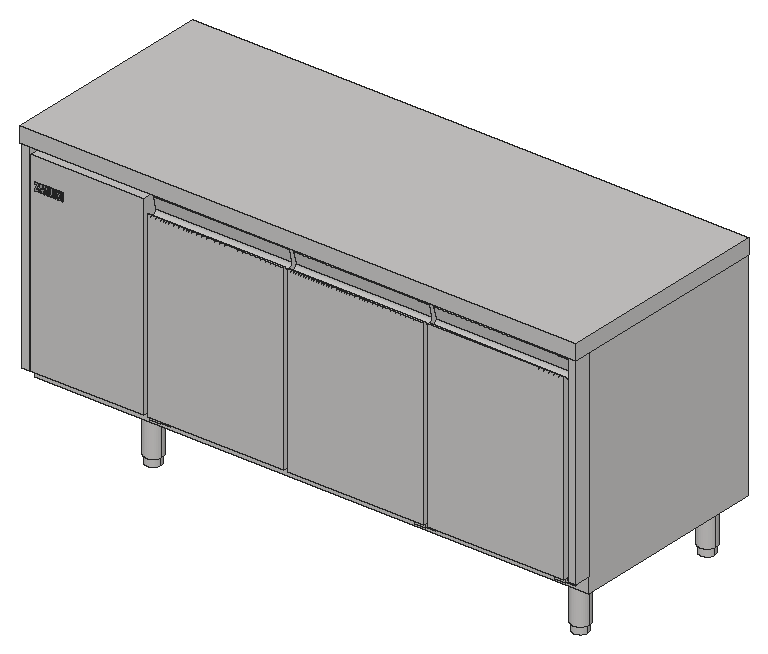
Revit family "QF_ZANUSSI_712804_ZHR3BL", category Attrezzature speciali, Revit 2018 (continued)
Definition of nested family "HPP_ZAN_BI_TN_L"
  Lines and regions (mm)
    Split face 117
      outline origin (347.5, -951.3, 50) x (1, 0, 0) y (0, 1, 0)
        loop
          line (-340.964, 599.474) -> (-298.964, 599.474)
          arc (-298.964, 599.474) -> (-294.964, 603.474) -> (-298.964, 607.474) r 4
          line (-298.964, 607.474) -> (-340.964, 607.474)
    Split face 118
      outline origin (92.5, -951.3, 50) x (1, 0, 0) y (0, 1, 0)
        loop
          arc (-305.964, 607.474) -> (-309.964, 603.474) -> (-305.964, 599.474) r 4
          line (-305.964, 599.474) -> (-263.964, 599.474)
          arc (-263.964, 599.474) -> (-259.964, 603.474) -> (-263.964, 607.474) r 4
          line (-263.964, 607.474) -> (-305.964, 607.474)
    Split face 119
      outline origin (237.5, -951.3, 50) x (1, 0, 0) y (0, 1, 0)
        loop
          arc (-285.964, 607.474) -> (-289.964, 603.474) -> (-285.964, 599.474) r 4
          line (-285.964, 599.474) -> (-243.964, 599.474)
          arc (-243.964, 599.474) -> (-239.964, 603.474) -> (-243.964, 607.474) r 4
          line (-243.964, 607.474) -> (-285.964, 607.474)
    Split face 120
      outline origin (-17.5, -975.3, 50) x (1, 0, 0) y (0, 1, 0)
        loop
          arc (-250.964, 619.474) -> (-254.964, 615.474) -> (-250.964, 611.474) r 4
          line (-250.964, 611.474) -> (-208.964, 611.474)
          arc (-208.964, 611.474) -> (-204.964, 615.474) -> (-208.964, 619.474) r 4
          line (-208.964, 619.474) -> (-250.964, 619.474)
    Split face 121
      outline origin (347.5, -975.3, 50) x (1, 0, 0) y (0, 1, 0)
        loop
          arc (-340.964, 619.474) -> (-344.964, 615.474) -> (-340.964, 611.474) r 4
          line (-340.964, 611.474) -> (-298.964, 611.474)
          arc (-298.964, 611.474) -> (-294.964, 615.474) -> (-298.964, 619.474) r 4
          line (-298.964, 619.474) -> (-340.964, 619.474)
    Split face 122
      outline origin (92.5, -975.3, 50) x (1, 0, 0) y (0, 1, 0)
        loop
          arc (-305.964, 619.474) -> (-309.964, 615.474) -> (-305.964, 611.474) r 4
          line (-305.964, 611.474) -> (-263.964, 611.474)
          arc (-263.964, 611.474) -> (-259.964, 615.474) -> (-263.964, 619.474) r 4
          line (-263.964, 619.474) -> (-305.964, 619.474)
    Split face 123
      outline origin (237.5, -975.3, 50) x (1, 0, 0) y (0, 1, 0)
        loop
          arc (-285.964, 619.474) -> (-289.964, 615.474) -> (-285.964, 611.474) r 4
          line (-285.964, 611.474) -> (-243.964, 611.474)
          arc (-243.964, 611.474) -> (-239.964, 615.474) -> (-243.964, 619.474) r 4
          line (-243.964, 619.474) -> (-285.964, 619.474)
    Split face 124
      outline origin (-17.5, -999.3, 50) x (1, 0, 0) y (0, 1, 0)
        loop
          arc (-250.964, 631.474) -> (-254.964, 627.474) -> (-250.964, 623.474) r 4
          line (-250.964, 623.474) -> (-208.964, 623.474)
          arc (-208.964, 623.474) -> (-204.964, 627.474) -> (-208.964, 631.474) r 4
          line (-208.964, 631.474) -> (-250.964, 631.474)
    Split face 125
      outline origin (347.5, -999.3, 50) x (1, 0, 0) y (0, 1, 0)
        loop
          arc (-340.964, 631.474) -> (-344.964, 627.474) -> (-340.964, 623.474) r 4
          line (-340.964, 623.474) -> (-298.964, 623.474)
          arc (-298.964, 623.474) -> (-294.964, 627.474) -> (-298.964, 631.474) r 4
          line (-298.964, 631.474) -> (-340.964, 631.474)
    Split face 126
      outline origin (92.5, -999.3, 50) x (1, 0, 0) y (0, 1, 0)
        loop
          arc (-305.964, 631.474) -> (-309.964, 627.474) -> (-305.964, 623.474) r 4
          line (-305.964, 623.474) -> (-263.964, 623.474)
          arc (-263.964, 623.474) -> (-259.964, 627.474) -> (-263.964, 631.474) r 4
          line (-263.964, 631.474) -> (-305.964, 631.474)
    Split face 127
      outline origin (237.5, -999.3, 50) x (1, 0, 0) y (0, 1, 0)
        loop
          arc (-285.964, 631.474) -> (-289.964, 627.474) -> (-285.964, 623.474) r 4
          line (-285.964, 623.474) -> (-243.964, 623.474)
          arc (-243.964, 623.474) -> (-239.964, 627.474) -> (-243.964, 631.474) r 4
          line (-243.964, 631.474) -> (-285.964, 631.474)
    Split face 128
      outline origin (-17.5, -1023.3, 50) x (1, 0, 0) y (0, 1, 0)
        loop
          arc (-250.964, 643.474) -> (-254.964, 639.474) -> (-250.964, 635.474) r 4
          line (-250.964, 635.474) -> (-208.964, 635.474)
          arc (-208.964, 635.474) -> (-204.964, 639.474) -> (-208.964, 643.474) r 4
          line (-208.964, 643.474) -> (-250.964, 643.474)
    Split face 129
      outline origin (347.5, -1023.3, 50) x (1, 0, 0) y (0, 1, 0)
        loop
          arc (-340.964, 643.474) -> (-344.964, 639.474) -> (-340.964, 635.474) r 4
          line (-340.964, 635.474) -> (-298.964, 635.474)
          arc (-298.964, 635.474) -> (-294.964, 639.474) -> (-298.964, 643.474) r 4
          line (-298.964, 643.474) -> (-340.964, 643.474)
    Split face 130
      outline origin (92.5, -1023.3, 50) x (1, 0, 0) y (0, 1, 0)
        loop
          arc (-305.964, 643.474) -> (-309.964, 639.474) -> (-305.964, 635.474) r 4
          line (-305.964, 635.474) -> (-263.964, 635.474)
          arc (-263.964, 635.474) -> (-259.964, 639.474) -> (-263.964, 643.474) r 4
          line (-263.964, 643.474) -> (-305.964, 643.474)
    Split face 131
      outline origin (237.5, -1023.3, 50) x (1, 0, 0) y (0, 1, 0)
        loop
          arc (-285.964, 643.474) -> (-289.964, 639.474) -> (-285.964, 635.474) r 4
          line (-285.964, 635.474) -> (-243.964, 635.474)
          arc (-243.964, 635.474) -> (-239.964, 639.474) -> (-243.964, 643.474) r 4
          line (-243.964, 643.474) -> (-285.964, 643.474)
    Split face 132
      outline origin (0, 0, 50) x (1, 0, 0) y (0, 1, 0)
        loop
          arc (-198.305, 119) -> (-179.016, 127.543) -> (-163.366, 141.689) r 66.613
          arc (-163.366, 141.689) -> (-159.055, 152.578) -> (-161.639, 164) r 19.83
    Split face 133
      outline origin (0, 0, 50) x (1, 0, 0) y (0, 1, 0)
        loop
          arc (-186.275, 119) -> (-172.312, 128.003) -> (-161.038, 140.208) r 66.007
          arc (-161.038, 140.208) -> (-157.063, 151.991) -> (-160.294, 164) r 21.447
    Split face 134
      outline origin (-10, 0, 50) x (1, 0, 0) y (0, 1, 0)
        loop
          line (29.08, 150) -> (29.08, 142.5) -> (36.58, 142.5) -> (36.58, 150) -> (29.08, 150)
    Split face 135
      outline origin (-10, 0, 50) x (1, 0, 0) y (0, 1, 0)
        loop
          line (19.58, 150) -> (19.58, 142.5) -> (27.08, 142.5) -> (27.08, 150) -> (19.58, 150)
    Split face 136
      outline origin (-10, 0, 50) x (1, 0, 0) y (0, 1, 0)
        loop
          line (19.58, 140.5) -> (19.58, 133) -> (27.08, 133) -> (27.08, 140.5) -> (19.58, 140.5)
    Split face 137
      outline origin (-0.5, 0, 50) x (1, 0, 0) y (0, 1, 0)
        loop
          line (19.58, 140.5) -> (19.58, 133) -> (27.08, 133) -> (27.08, 140.5) -> (19.58, 140.5)
    Split face 138
      outline origin (237.5, 0, 50) x (1, 0, 0) y (0, 1, 0)
        loop
          arc (-340.964, 107.824) -> (-344.964, 103.824) -> (-340.964, 99.824) r 4
          line (-340.964, 99.824) -> (-298.964, 99.824)
          arc (-298.964, 99.824) -> (-294.964, 103.824) -> (-298.964, 107.824) r 4
          line (-298.964, 107.824) -> (-340.964, 107.824)
    Split face 139
      outline origin (237.5, -24, 50) x (1, 0, 0) y (0, 1, 0)
        loop
          arc (-340.964, 119.824) -> (-344.964, 115.824) -> (-340.964, 111.824) r 4
          line (-340.964, 111.824) -> (-298.964, 111.824)
          arc (-298.964, 111.824) -> (-294.964, 115.824) -> (-298.964, 119.824) r 4
          line (-298.964, 119.824) -> (-340.964, 119.824)
    Split face 140
      outline origin (237.5, -48, 50) x (1, 0, 0) y (0, 1, 0)
        loop
          arc (-340.964, 131.824) -> (-344.964, 127.824) -> (-340.964, 123.824) r 4
          line (-340.964, 123.824) -> (-298.964, 123.824)
          arc (-298.964, 123.824) -> (-294.964, 127.824) -> (-298.964, 131.824) r 4
          line (-298.964, 131.824) -> (-340.964, 131.824)
    Split face 141
      outline origin (237.5, -72, 50) x (1, 0, 0) y (0, 1, 0)
        loop
          arc (-340.964, 143.824) -> (-344.964, 139.824) -> (-340.964, 135.824) r 4
          line (-340.964, 135.824) -> (-298.964, 135.824)
          arc (-298.964, 135.824) -> (-294.964, 139.824) -> (-298.964, 143.824) r 4
          line (-298.964, 143.824) -> (-340.964, 143.824)
    Split face 142
      outline origin (237.5, -96, 50) x (1, 0, 0) y (0, 1, 0)
        loop
          arc (-340.964, 155.824) -> (-344.964, 151.824) -> (-340.964, 147.824) r 4
          line (-340.964, 147.824) -> (-298.964, 147.824)
          arc (-298.964, 147.824) -> (-294.964, 151.824) -> (-298.964, 155.824) r 4
          line (-298.964, 155.824) -> (-340.964, 155.824)
    Split face 143
      outline origin (237.5, -120, 50) x (1, 0, 0) y (0, 1, 0)
        loop
          arc (-340.964, 167.824) -> (-344.964, 163.824) -> (-340.964, 159.824) r 4
          line (-340.964, 159.824) -> (-298.964, 159.824)
          arc (-298.964, 159.824) -> (-294.964, 163.824) -> (-298.964, 167.824) r 4
          line (-298.964, 167.824) -> (-340.964, 167.824)
    Split face 144
      outline origin (237.5, -144, 50) x (1, 0, 0) y (0, 1, 0)
        loop
          arc (-340.964, 179.824) -> (-344.964, 175.824) -> (-340.964, 171.824) r 4
          line (-340.964, 171.824) -> (-298.964, 171.824)
          arc (-298.964, 171.824) -> (-294.964, 175.824) -> (-298.964, 179.824) r 4
          line (-298.964, 179.824) -> (-340.964, 179.824)
    Split face 145
      outline origin (237.5, -168, 50) x (1, 0, 0) y (0, 1, 0)
        loop
          arc (-340.964, 191.824) -> (-344.964, 187.824) -> (-340.964, 183.824) r 4
          line (-340.964, 183.824) -> (-298.964, 183.824)
          arc (-298.964, 183.824) -> (-294.964, 187.824) -> (-298.964, 191.824) r 4
          line (-298.964, 191.824) -> (-340.964, 191.824)
    Split face 146
      outline origin (237.5, -192, 50) x (1, 0, 0) y (0, 1, 0)
        loop
          arc (-340.964, 203.824) -> (-344.964, 199.824) -> (-340.964, 195.824) r 4
          line (-340.964, 195.824) -> (-298.964, 195.824)
          arc (-298.964, 195.824) -> (-294.964, 199.824) -> (-298.964, 203.824) r 4
          line (-298.964, 203.824) -> (-340.964, 203.824)
    Split face 147
      outline origin (237.5, -216, 50) x (1, 0, 0) y (0, 1, 0)
        loop
          arc (-340.964, 215.824) -> (-344.964, 211.824) -> (-340.964, 207.824) r 4
          line (-340.964, 207.824) -> (-298.964, 207.824)
          arc (-298.964, 207.824) -> (-294.964, 211.824) -> (-298.964, 215.824) r 4
          line (-298.964, 215.824) -> (-340.964, 215.824)
    Split face 148
      outline origin (237.5, -240, 50) x (1, 0, 0) y (0, 1, 0)
        loop
          arc (-340.964, 227.824) -> (-344.964, 223.824) -> (-340.964, 219.824) r 4
          line (-340.964, 219.824) -> (-298.964, 219.824)
          arc (-298.964, 219.824) -> (-294.964, 223.824) -> (-298.964, 227.824) r 4
          line (-298.964, 227.824) -> (-340.964, 227.824)
    Split face 149
      outline origin (237.5, -264, 50) x (1, 0, 0) y (0, 1, 0)
        loop
          arc (-340.964, 239.824) -> (-344.964, 235.824) -> (-340.964, 231.824) r 4
          line (-340.964, 231.824) -> (-298.964, 231.824)
          arc (-298.964, 231.824) -> (-294.964, 235.824) -> (-298.964, 239.824) r 4
          line (-298.964, 239.824) -> (-340.964, 239.824)
    Split face 150
      outline origin (237.5, -288, 50) x (1, 0, 0) y (0, 1, 0)
        loop
          arc (-340.964, 251.824) -> (-344.964, 247.824) -> (-340.964, 243.824) r 4
          line (-340.964, 243.824) -> (-298.964, 243.824)
          arc (-298.964, 243.824) -> (-294.964, 247.824) -> (-298.964, 251.824) r 4
          line (-298.964, 251.824) -> (-340.964, 251.824)
    Split face 151
      outline origin (237.5, -312, 50) x (1, 0, 0) y (0, 1, 0)
        loop
          arc (-340.964, 263.824) -> (-344.964, 259.824) -> (-340.964, 255.824) r 4
          line (-340.964, 255.824) -> (-298.964, 255.824)
          arc (-298.964, 255.824) -> (-294.964, 259.824) -> (-298.964, 263.824) r 4
          line (-298.964, 263.824) -> (-340.964, 263.824)
    Split face 152
      outline origin (237.5, -336, 50) x (1, 0, 0) y (0, 1, 0)
        loop
          arc (-340.964, 275.824) -> (-344.964, 271.824) -> (-340.964, 267.824) r 4
          line (-340.964, 267.824) -> (-298.964, 267.824)
          arc (-298.964, 267.824) -> (-294.964, 271.824) -> (-298.964, 275.824) r 4
          line (-298.964, 275.824) -> (-340.964, 275.824)
    Split face 153
      outline origin (237.5, -360, 50) x (1, 0, 0) y (0, 1, 0)
        loop
          arc (-340.964, 287.824) -> (-344.964, 283.824) -> (-340.964, 279.824) r 4
          line (-340.964, 279.824) -> (-298.964, 279.824)
          arc (-298.964, 279.824) -> (-294.964, 283.824) -> (-298.964, 287.824) r 4
          line (-298.964, 287.824) -> (-340.964, 287.824)
    Split face 154
      outline origin (237.5, -663.3, 50) x (1, 0, 0) y (0, 1, 0)
        loop
          arc (-340.964, 463.474) -> (-344.964, 459.474) -> (-340.964, 455.474) r 4
          line (-340.964, 455.474) -> (-298.964, 455.474)
          arc (-298.964, 455.474) -> (-294.964, 459.474) -> (-298.964, 463.474) r 4
          line (-298.964, 463.474) -> (-340.964, 463.474)
    Split face 155
      outline origin (237.5, -687.3, 50) x (1, 0, 0) y (0, 1, 0)
        loop
          arc (-340.964, 475.474) -> (-344.964, 471.474) -> (-340.964, 467.474) r 4
          line (-340.964, 467.474) -> (-298.964, 467.474)
          arc (-298.964, 467.474) -> (-294.964, 471.474) -> (-298.964, 475.474) r 4
          line (-298.964, 475.474) -> (-340.964, 475.474)
    Split face 156
      outline origin (237.5, -711.3, 50) x (1, 0, 0) y (0, 1, 0)
        loop
          arc (-340.964, 487.474) -> (-344.964, 483.474) -> (-340.964, 479.474) r 4
          line (-340.964, 479.474) -> (-298.964, 479.474)
          arc (-298.964, 479.474) -> (-294.964, 483.474) -> (-298.964, 487.474) r 4
          line (-298.964, 487.474) -> (-340.964, 487.474)
    Split face 157
      outline origin (237.5, -735.3, 50) x (1, 0, 0) y (0, 1, 0)
        loop
          arc (-340.964, 499.474) -> (-344.964, 495.474) -> (-340.964, 491.474) r 4
          line (-340.964, 491.474) -> (-298.964, 491.474)
          arc (-298.964, 491.474) -> (-294.964, 495.474) -> (-298.964, 499.474) r 4
          line (-298.964, 499.474) -> (-340.964, 499.474)
    Split face 158
      outline origin (237.5, -759.3, 50) x (1, 0, 0) y (0, 1, 0)
        loop
          arc (-340.964, 511.474) -> (-344.964, 507.474) -> (-340.964, 503.474) r 4
          line (-340.964, 503.474) -> (-298.964, 503.474)
          arc (-298.964, 503.474) -> (-294.964, 507.474) -> (-298.964, 511.474) r 4
          line (-298.964, 511.474) -> (-340.964, 511.474)
    Split face 159
      outline origin (237.5, -783.3, 50) x (1, 0, 0) y (0, 1, 0)
        loop
          arc (-340.964, 523.474) -> (-344.964, 519.474) -> (-340.964, 515.474) r 4
          line (-340.964, 515.474) -> (-298.964, 515.474)
          arc (-298.964, 515.474) -> (-294.964, 519.474) -> (-298.964, 523.474) r 4
          line (-298.964, 523.474) -> (-340.964, 523.474)
    Split face 160
      outline origin (237.5, -807.3, 50) x (1, 0, 0) y (0, 1, 0)
        loop
          arc (-340.964, 535.474) -> (-344.964, 531.474) -> (-340.964, 527.474) r 4
          line (-340.964, 527.474) -> (-298.964, 527.474)
          arc (-298.964, 527.474) -> (-294.964, 531.474) -> (-298.964, 535.474) r 4
          line (-298.964, 535.474) -> (-340.964, 535.474)
    Split face 161
      outline origin (237.5, -831.3, 50) x (1, 0, 0) y (0, 1, 0)
        loop
          arc (-340.964, 547.474) -> (-344.964, 543.474) -> (-340.964, 539.474) r 4
          line (-340.964, 539.474) -> (-298.964, 539.474)
          arc (-298.964, 539.474) -> (-294.964, 543.474) -> (-298.964, 547.474) r 4
          line (-298.964, 547.474) -> (-340.964, 547.474)
    Split face 162
      outline origin (237.5, -855.3, 50) x (1, 0, 0) y (0, 1, 0)
        loop
          arc (-340.964, 559.474) -> (-344.964, 555.474) -> (-340.964, 551.474) r 4
          line (-340.964, 551.474) -> (-298.964, 551.474)
          arc (-298.964, 551.474) -> (-294.964, 555.474) -> (-298.964, 559.474) r 4
          line (-298.964, 559.474) -> (-340.964, 559.474)
    Split face 163
      outline origin (237.5, -879.3, 50) x (1, 0, 0) y (0, 1, 0)
        loop
          arc (-340.964, 571.474) -> (-344.964, 567.474) -> (-340.964, 563.474) r 4
          line (-340.964, 563.474) -> (-298.964, 563.474)
          arc (-298.964, 563.474) -> (-294.964, 567.474) -> (-298.964, 571.474) r 4
          line (-298.964, 571.474) -> (-340.964, 571.474)
    Split face 164
      outline origin (237.5, -903.3, 50) x (1, 0, 0) y (0, 1, 0)
        loop
          arc (-340.964, 583.474) -> (-344.964, 579.474) -> (-340.964, 575.474) r 4
          line (-340.964, 575.474) -> (-298.964, 575.474)
          arc (-298.964, 575.474) -> (-294.964, 579.474) -> (-298.964, 583.474) r 4
          line (-298.964, 583.474) -> (-340.964, 583.474)
    Split face 165
      outline origin (237.5, -927.3, 50) x (1, 0, 0) y (0, 1, 0)
        loop
          arc (-340.964, 595.474) -> (-344.964, 591.474) -> (-340.964, 587.474) r 4
          line (-340.964, 587.474) -> (-298.964, 587.474)
          arc (-298.964, 587.474) -> (-294.964, 591.474) -> (-298.964, 595.474) r 4
          line (-298.964, 595.474) -> (-340.964, 595.474)
    Split face 166
      outline origin (237.5, -951.3, 50) x (1, 0, 0) y (0, 1, 0)
        loop
          arc (-340.964, 607.474) -> (-344.964, 603.474) -> (-340.964, 599.474) r 4
          line (-340.964, 599.474) -> (-298.964, 599.474)
          arc (-298.964, 599.474) -> (-294.964, 603.474) -> (-298.964, 607.474) r 4
          line (-298.964, 607.474) -> (-340.964, 607.474)
    Split face 167
      outline origin (237.5, -975.3, 50) x (1, 0, 0) y (0, 1, 0)
        loop
          arc (-340.964, 619.474) -> (-344.964, 615.474) -> (-340.964, 611.474) r 4
          line (-340.964, 611.474) -> (-298.964, 611.474)
          arc (-298.964, 611.474) -> (-294.964, 615.474) -> (-298.964, 619.474) r 4
          line (-298.964, 619.474) -> (-340.964, 619.474)
    Split face 168
      outline origin (237.5, -999.3, 50) x (1, 0, 0) y (0, 1, 0)
        loop
          arc (-340.964, 631.474) -> (-344.964, 627.474) -> (-340.964, 623.474) r 4
          line (-340.964, 623.474) -> (-298.964, 623.474)
          arc (-298.964, 623.474) -> (-294.964, 627.474) -> (-298.964, 631.474) r 4
          line (-298.964, 631.474) -> (-340.964, 631.474)
    Split face 169
      outline origin (237.5, -1023.3, 50) x (1, 0, 0) y (0, 1, 0)
        loop
          arc (-340.964, 643.474) -> (-344.964, 639.474) -> (-340.964, 635.474) r 4
          line (-340.964, 635.474) -> (-298.964, 635.474)
          arc (-298.964, 635.474) -> (-294.964, 639.474) -> (-298.964, 643.474) r 4
          line (-298.964, 643.474) -> (-340.964, 643.474)
    Split face 170
      outline origin (147.5, 0, 50) x (1, 0, 0) y (0, 1, 0)
        loop
          arc (-305.964, 107.824) -> (-309.964, 103.824) -> (-305.964, 99.824) r 4
          line (-305.964, 99.824) -> (-263.964, 99.824)
          arc (-263.964, 99.824) -> (-259.964, 103.824) -> (-263.964, 107.824) r 4
          line (-263.964, 107.824) -> (-305.964, 107.824)
    Split face 171
      outline origin (147.5, -24, 50) x (1, 0, 0) y (0, 1, 0)
        loop
          arc (-305.964, 119.824) -> (-309.964, 115.824) -> (-305.964, 111.824) r 4
          line (-305.964, 111.824) -> (-263.964, 111.824)
          arc (-263.964, 111.824) -> (-259.964, 115.824) -> (-263.964, 119.824) r 4
          line (-263.964, 119.824) -> (-305.964, 119.824)
    Split face 172
      outline origin (147.5, -48, 50) x (1, 0, 0) y (0, 1, 0)
        loop
          arc (-305.964, 131.824) -> (-309.964, 127.824) -> (-305.964, 123.824) r 4
          line (-305.964, 123.824) -> (-263.964, 123.824)
          arc (-263.964, 123.824) -> (-259.964, 127.824) -> (-263.964, 131.824) r 4
          line (-263.964, 131.824) -> (-305.964, 131.824)
    Split face 173
      outline origin (147.5, -72, 50) x (1, 0, 0) y (0, 1, 0)
        loop
          arc (-305.964, 143.824) -> (-309.964, 139.824) -> (-305.964, 135.824) r 4
          line (-305.964, 135.824) -> (-263.964, 135.824)
          arc (-263.964, 135.824) -> (-259.964, 139.824) -> (-263.964, 143.824) r 4
          line (-263.964, 143.824) -> (-305.964, 143.824)
    Split face 174
      outline origin (147.5, -96, 50) x (1, 0, 0) y (0, 1, 0)
        loop
          arc (-305.964, 155.824) -> (-309.964, 151.824) -> (-305.964, 147.824) r 4
          line (-305.964, 147.824) -> (-263.964, 147.824)
          arc (-263.964, 147.824) -> (-259.964, 151.824) -> (-263.964, 155.824) r 4
          line (-263.964, 155.824) -> (-305.964, 155.824)
    Split face 175
      outline origin (147.5, -120, 50) x (1, 0, 0) y (0, 1, 0)
        loop
          arc (-305.964, 167.824) -> (-309.964, 163.824) -> (-305.964, 159.824) r 4
          line (-305.964, 159.824) -> (-263.964, 159.824)
          arc (-263.964, 159.824) -> (-259.964, 163.824) -> (-263.964, 167.824) r 4
          line (-263.964, 167.824) -> (-305.964, 167.824)
    Split face 176
      outline origin (147.5, -144, 50) x (1, 0, 0) y (0, 1, 0)
        loop
          arc (-305.964, 179.824) -> (-309.964, 175.824) -> (-305.964, 171.824) r 4
          line (-305.964, 171.824) -> (-263.964, 171.824)
          arc (-263.964, 171.824) -> (-259.964, 175.824) -> (-263.964, 179.824) r 4
          line (-263.964, 179.824) -> (-305.964, 179.824)
    Split face 177
      outline origin (147.5, -168, 50) x (1, 0, 0) y (0, 1, 0)
        loop
          arc (-305.964, 191.824) -> (-309.964, 187.824) -> (-305.964, 183.824) r 4
          line (-305.964, 183.824) -> (-263.964, 183.824)
          arc (-263.964, 183.824) -> (-259.964, 187.824) -> (-263.964, 191.824) r 4
          line (-263.964, 191.824) -> (-305.964, 191.824)
    Split face 178
      outline origin (147.5, -192, 50) x (1, 0, 0) y (0, 1, 0)
        loop
          arc (-305.964, 203.824) -> (-309.964, 199.824) -> (-305.964, 195.824) r 4
          line (-305.964, 195.824) -> (-263.964, 195.824)
          arc (-263.964, 195.824) -> (-259.964, 199.824) -> (-263.964, 203.824) r 4
          line (-263.964, 203.824) -> (-305.964, 203.824)
    Split face 179
      outline origin (147.5, -216, 50) x (1, 0, 0) y (0, 1, 0)
        loop
          arc (-305.964, 215.824) -> (-309.964, 211.824) -> (-305.964, 207.824) r 4
          line (-305.964, 207.824) -> (-263.964, 207.824)
          arc (-263.964, 207.824) -> (-259.964, 211.824) -> (-263.964, 215.824) r 4
          line (-263.964, 215.824) -> (-305.964, 215.824)
    Split face 180
      outline origin (147.5, -240, 50) x (1, 0, 0) y (0, 1, 0)
        loop
          arc (-305.964, 227.824) -> (-309.964, 223.824) -> (-305.964, 219.824) r 4
          line (-305.964, 219.824) -> (-263.964, 219.824)
          arc (-263.964, 219.824) -> (-259.964, 223.824) -> (-263.964, 227.824) r 4
          line (-263.964, 227.824) -> (-305.964, 227.824)
    Split face 181
      outline origin (147.5, -264, 50) x (1, 0, 0) y (0, 1, 0)
        loop
          arc (-305.964, 239.824) -> (-309.964, 235.824) -> (-305.964, 231.824) r 4
          line (-305.964, 231.824) -> (-263.964, 231.824)
          arc (-263.964, 231.824) -> (-259.964, 235.824) -> (-263.964, 239.824) r 4
          line (-263.964, 239.824) -> (-305.964, 239.824)
    Split face 182
      outline origin (147.5, -288, 50) x (1, 0, 0) y (0, 1, 0)
        loop
          arc (-305.964, 251.824) -> (-309.964, 247.824) -> (-305.964, 243.824) r 4
          line (-305.964, 243.824) -> (-263.964, 243.824)
          arc (-263.964, 243.824) -> (-259.964, 247.824) -> (-263.964, 251.824) r 4
          line (-263.964, 251.824) -> (-305.964, 251.824)
    Split face 183
      outline origin (147.5, -312, 50) x (1, 0, 0) y (0, 1, 0)
        loop
          arc (-305.964, 263.824) -> (-309.964, 259.824) -> (-305.964, 255.824) r 4
          line (-305.964, 255.824) -> (-263.964, 255.824)
          arc (-263.964, 255.824) -> (-259.964, 259.824) -> (-263.964, 263.824) r 4
          line (-263.964, 263.824) -> (-305.964, 263.824)
    Split face 184
      outline origin (147.5, -336, 50) x (1, 0, 0) y (0, 1, 0)
        loop
          arc (-305.964, 275.824) -> (-309.964, 271.824) -> (-305.964, 267.824) r 4
          line (-305.964, 267.824) -> (-263.964, 267.824)
          arc (-263.964, 267.824) -> (-259.964, 271.824) -> (-263.964, 275.824) r 4
          line (-263.964, 275.824) -> (-305.964, 275.824)
    Split face 185
      outline origin (147.5, -360, 50) x (1, 0, 0) y (0, 1, 0)
        loop
          arc (-305.964, 287.824) -> (-309.964, 283.824) -> (-305.964, 279.824) r 4
          line (-305.964, 279.824) -> (-263.964, 279.824)
          arc (-263.964, 279.824) -> (-259.964, 283.824) -> (-263.964, 287.824) r 4
          line (-263.964, 287.824) -> (-305.964, 287.824)
    Split face 186
      outline origin (147.5, -663.3, 50) x (1, 0, 0) y (0, 1, 0)
        loop
          arc (-305.964, 463.474) -> (-309.964, 459.474) -> (-305.964, 455.474) r 4
          line (-305.964, 455.474) -> (-263.964, 455.474)
          arc (-263.964, 455.474) -> (-259.964, 459.474) -> (-263.964, 463.474) r 4
          line (-263.964, 463.474) -> (-305.964, 463.474)
    Split face 187
      outline origin (147.5, -687.3, 50) x (1, 0, 0) y (0, 1, 0)
        loop
          arc (-305.964, 475.474) -> (-309.964, 471.474) -> (-305.964, 467.474) r 4
          line (-305.964, 467.474) -> (-263.964, 467.474)
          arc (-263.964, 467.474) -> (-259.964, 471.474) -> (-263.964, 475.474) r 4
          line (-263.964, 475.474) -> (-305.964, 475.474)
    Split face 188
      outline origin (147.5, -711.3, 50) x (1, 0, 0) y (0, 1, 0)
        loop
          arc (-305.964, 487.474) -> (-309.964, 483.474) -> (-305.964, 479.474) r 4
          line (-305.964, 479.474) -> (-263.964, 479.474)
          arc (-263.964, 479.474) -> (-259.964, 483.474) -> (-263.964, 487.474) r 4
          line (-263.964, 487.474) -> (-305.964, 487.474)
    Split face 189
      outline origin (147.5, -735.3, 50) x (1, 0, 0) y (0, 1, 0)
        loop
          arc (-305.964, 499.474) -> (-309.964, 495.474) -> (-305.964, 491.474) r 4
          line (-305.964, 491.474) -> (-263.964, 491.474)
          arc (-263.964, 491.474) -> (-259.964, 495.474) -> (-263.964, 499.474) r 4
          line (-263.964, 499.474) -> (-305.964, 499.474)
    Split face 190
      outline origin (147.5, -759.3, 50) x (1, 0, 0) y (0, 1, 0)
        loop
          arc (-305.964, 511.474) -> (-309.964, 507.474) -> (-305.964, 503.474) r 4
          line (-305.964, 503.474) -> (-263.964, 503.474)
          arc (-263.964, 503.474) -> (-259.964, 507.474) -> (-263.964, 511.474) r 4
          line (-263.964, 511.474) -> (-305.964, 511.474)
    Split face 191
      outline origin (147.5, -783.3, 50) x (1, 0, 0) y (0, 1, 0)
        loop
          arc (-305.964, 523.474) -> (-309.964, 519.474) -> (-305.964, 515.474) r 4
          line (-305.964, 515.474) -> (-263.964, 515.474)
          arc (-263.964, 515.474) -> (-259.964, 519.474) -> (-263.964, 523.474) r 4
          line (-263.964, 523.474) -> (-305.964, 523.474)
    Split face 192
      outline origin (147.5, -807.3, 50) x (1, 0, 0) y (0, 1, 0)
        loop
          arc (-305.964, 535.474) -> (-309.964, 531.474) -> (-305.964, 527.474) r 4
          line (-305.964, 527.474) -> (-263.964, 527.474)
          arc (-263.964, 527.474) -> (-259.964, 531.474) -> (-263.964, 535.474) r 4
          line (-263.964, 535.474) -> (-305.964, 535.474)
    Split face 193
      outline origin (147.5, -831.3, 50) x (1, 0, 0) y (0, 1, 0)
        loop
          arc (-305.964, 547.474) -> (-309.964, 543.474) -> (-305.964, 539.474) r 4
          line (-305.964, 539.474) -> (-263.964, 539.474)
          arc (-263.964, 539.474) -> (-259.964, 543.474) -> (-263.964, 547.474) r 4
          line (-263.964, 547.474) -> (-305.964, 547.474)
    Split face 194
      outline origin (147.5, -855.3, 50) x (1, 0, 0) y (0, 1, 0)
        loop
          arc (-305.964, 559.474) -> (-309.964, 555.474) -> (-305.964, 551.474) r 4
          line (-305.964, 551.474) -> (-263.964, 551.474)
          arc (-263.964, 551.474) -> (-259.964, 555.474) -> (-263.964, 559.474) r 4
          line (-263.964, 559.474) -> (-305.964, 559.474)
    Split face 195
      outline origin (147.5, -879.3, 50) x (1, 0, 0) y (0, 1, 0)
        loop
          arc (-305.964, 571.474) -> (-309.964, 567.474) -> (-305.964, 563.474) r 4
          line (-305.964, 563.474) -> (-263.964, 563.474)
          arc (-263.964, 563.474) -> (-259.964, 567.474) -> (-263.964, 571.474) r 4
          line (-263.964, 571.474) -> (-305.964, 571.474)
    Split face 196
      outline origin (147.5, -903.3, 50) x (1, 0, 0) y (0, 1, 0)
        loop
          arc (-305.964, 583.474) -> (-309.964, 579.474) -> (-305.964, 575.474) r 4
          line (-305.964, 575.474) -> (-263.964, 575.474)
          arc (-263.964, 575.474) -> (-259.964, 579.474) -> (-263.964, 583.474) r 4
          line (-263.964, 583.474) -> (-305.964, 583.474)
    Split face 197
      outline origin (147.5, -927.3, 50) x (1, 0, 0) y (0, 1, 0)
        loop
          arc (-305.964, 595.474) -> (-309.964, 591.474) -> (-305.964, 587.474) r 4
          line (-305.964, 587.474) -> (-263.964, 587.474)
          arc (-263.964, 587.474) -> (-259.964, 591.474) -> (-263.964, 595.474) r 4
          line (-263.964, 595.474) -> (-305.964, 595.474)
    Split face 198
      outline origin (147.5, -951.3, 50) x (1, 0, 0) y (0, 1, 0)
        loop
          arc (-305.964, 607.474) -> (-309.964, 603.474) -> (-305.964, 599.474) r 4
          line (-305.964, 599.474) -> (-263.964, 599.474)
          arc (-263.964, 599.474) -> (-259.964, 603.474) -> (-263.964, 607.474) r 4
          line (-263.964, 607.474) -> (-305.964, 607.474)
    Split face 199
      outline origin (147.5, -975.3, 50) x (1, 0, 0) y (0, 1, 0)
        loop
          arc (-305.964, 619.474) -> (-309.964, 615.474) -> (-305.964, 611.474) r 4
          line (-305.964, 611.474) -> (-263.964, 611.474)
          arc (-263.964, 611.474) -> (-259.964, 615.474) -> (-263.964, 619.474) r 4
          line (-263.964, 619.474) -> (-305.964, 619.474)
    Split face 200
      outline origin (147.5, -999.3, 50) x (1, 0, 0) y (0, 1, 0)
        loop
          arc (-305.964, 631.474) -> (-309.964, 627.474) -> (-305.964, 623.474) r 4
          line (-305.964, 623.474) -> (-263.964, 623.474)
          arc (-263.964, 623.474) -> (-259.964, 627.474) -> (-263.964, 631.474) r 4
          line (-263.964, 631.474) -> (-305.964, 631.474)
    Split face 201
      outline origin (147.5, -1023.3, 50) x (1, 0, 0) y (0, 1, 0)
        loop
          arc (-305.964, 643.474) -> (-309.964, 639.474) -> (-305.964, 635.474) r 4
          line (-305.964, 635.474) -> (-263.964, 635.474)
          arc (-263.964, 635.474) -> (-259.964, 639.474) -> (-263.964, 643.474) r 4
          line (-263.964, 643.474) -> (-305.964, 643.474)
    symbolic lines
      curve 1: line (99.58, -86, 50) -> (99.58, -86, 0)
  Dimensions and locks
    equal spacing: plane 6, plane 1 "Center (Front/Back)", plane 7
    equal spacing: plane 4, plane 3 "Center (Left/Right)", plane 5
    plane 4 to plane 5 = 369 mm
    plane 6 to plane 7 = 628 mm
    aligned and locked: plane 2 to Extrusion 1
    aligned and locked: level to Extrusion 1
  Automatic sketch dimensions
    curve 1 to level = 0 mm
    plane 5 to curve 1 = 25 mm
    level to curve 1 = 50 mm
    Extrusion 1 sketch curve to Extrusion 1 sketch curve = 2438.4 mm  (x2)
    Extrusion 2 sketch curve to plane 4 = 0 mm
    Extrusion 2 sketch curve to plane 5 = 0 mm
    Extrusion 2 sketch curve to plane 7 = 0 mm
    Extrusion 2 sketch curve to plane 6 = 0 mm
    Split face 1 sketch curve to Extrusion 2 = 115 mm
    Split face 1 sketch curve to Split face 1 sketch curve = 70 mm
    Split face 1 sketch curve to Extrusion 2 = 98 mm
    Split face 1 sketch curve to Split face 1 sketch curve = 23 mm
    Split face 2 sketch curve to Extrusion 2 = 0 mm  (x2)
    Split face 2 sketch curve to Extrusion 2 = 64 mm
    Split face 3 sketch curve to Extrusion 2 = 25.956 mm
    Split face 3 sketch curve to Split face 3 sketch curve = 42 mm
    Split face 3 sketch curve to Extrusion 2 = 128.176 mm
    Split face 3 sketch curve to Split face 3 sketch curve = 4 mm
    Split face 4 sketch curve to Extrusion 2 = 68.044 mm
    Split face 4 sketch curve to Extrusion 2 = 26.044 mm
    Split face 4 sketch curve to Extrusion 2 = 128.176 mm
    Split face 4 sketch curve to Split face 4 sketch curve = 4 mm
    Split face 5 sketch curve to Extrusion 2 = 80.956 mm
    Split face 5 sketch curve to Split face 5 sketch curve = 42 mm
    Split face 5 sketch curve to Extrusion 2 = 128.176 mm
    Split face 5 sketch curve to Split face 5 sketch curve = 4 mm
    Split face 6 sketch curve to Extrusion 2 = 123.044 mm
    Split face 6 sketch curve to Split face 6 sketch curve = 42 mm
    Split face 6 sketch curve to Extrusion 2 = 128.176 mm
    Split face 6 sketch curve to Split face 6 sketch curve = 4 mm
    Split face 7 sketch curve to Extrusion 2 = 25.956 mm
    Split face 7 sketch curve to Split face 7 sketch curve = 42 mm
    Split face 7 sketch curve to Extrusion 2 = 140.176 mm
    Split face 7 sketch curve to Split face 7 sketch curve = 4 mm
    Split face 8 sketch curve to Extrusion 2 = 68.044 mm
    Split face 8 sketch curve to Extrusion 2 = 26.044 mm
    Split face 8 sketch curve to Extrusion 2 = 140.176 mm
    Split face 8 sketch curve to Split face 8 sketch curve = 4 mm
    Split face 9 sketch curve to Extrusion 2 = 80.956 mm
    Split face 9 sketch curve to Split face 9 sketch curve = 42 mm
    Split face 9 sketch curve to Extrusion 2 = 140.176 mm
    Split face 9 sketch curve to Split face 9 sketch curve = 4 mm
    Split face 10 sketch curve to Extrusion 2 = 123.044 mm
    Split face 10 sketch curve to Split face 10 sketch curve = 42 mm
    Split face 10 sketch curve to Extrusion 2 = 140.176 mm
    Split face 10 sketch curve to Split face 10 sketch curve = 4 mm
    Split face 11 sketch curve to Extrusion 2 = 25.956 mm
    Split face 11 sketch curve to Split face 11 sketch curve = 42 mm
    Split face 11 sketch curve to Extrusion 2 = 152.176 mm
    Split face 11 sketch curve to Split face 11 sketch curve = 4 mm
    Split face 12 sketch curve to Extrusion 2 = 68.044 mm
    Split face 12 sketch curve to Extrusion 2 = 26.044 mm
    Split face 12 sketch curve to Extrusion 2 = 152.176 mm
    Split face 12 sketch curve to Split face 12 sketch curve = 4 mm
    Split face 13 sketch curve to Extrusion 2 = 80.956 mm
    Split face 13 sketch curve to Split face 13 sketch curve = 42 mm
    Split face 13 sketch curve to Extrusion 2 = 152.176 mm
    Split face 13 sketch curve to Split face 13 sketch curve = 4 mm
    Split face 14 sketch curve to Extrusion 2 = 123.044 mm
    Split face 14 sketch curve to Split face 14 sketch curve = 42 mm
    Split face 14 sketch curve to Extrusion 2 = 152.176 mm
    Split face 14 sketch curve to Split face 14 sketch curve = 4 mm
    Split face 15 sketch curve to Extrusion 2 = 25.956 mm
    Split face 15 sketch curve to Split face 15 sketch curve = 42 mm
    Split face 15 sketch curve to Extrusion 2 = 164.176 mm
    Split face 15 sketch curve to Split face 15 sketch curve = 4 mm
    Split face 16 sketch curve to Extrusion 2 = 68.044 mm
    Split face 16 sketch curve to Extrusion 2 = 26.044 mm
    Split face 16 sketch curve to Extrusion 2 = 164.176 mm
    Split face 16 sketch curve to Split face 16 sketch curve = 4 mm
    Split face 17 sketch curve to Extrusion 2 = 80.956 mm
    Split face 17 sketch curve to Split face 17 sketch curve = 42 mm
    Split face 17 sketch curve to Extrusion 2 = 164.176 mm
    Split face 17 sketch curve to Split face 17 sketch curve = 4 mm
    Split face 18 sketch curve to Extrusion 2 = 123.044 mm
    Split face 18 sketch curve to Split face 18 sketch curve = 42 mm
    Split face 18 sketch curve to Extrusion 2 = 164.176 mm
    Split face 18 sketch curve to Split face 18 sketch curve = 4 mm
    Split face 19 sketch curve to Extrusion 2 = 25.956 mm
    Split face 19 sketch curve to Split face 19 sketch curve = 42 mm
    Split face 19 sketch curve to Extrusion 2 = 176.176 mm
    Split face 19 sketch curve to Split face 19 sketch curve = 4 mm
    Split face 20 sketch curve to Extrusion 2 = 68.044 mm
    Split face 20 sketch curve to Extrusion 2 = 26.044 mm
    Split face 20 sketch curve to Extrusion 2 = 176.176 mm
    Split face 20 sketch curve to Split face 20 sketch curve = 4 mm
    Split face 21 sketch curve to Extrusion 2 = 80.956 mm
    Split face 21 sketch curve to Split face 21 sketch curve = 42 mm
    Split face 21 sketch curve to Extrusion 2 = 176.176 mm
    Split face 21 sketch curve to Split face 21 sketch curve = 4 mm
    Split face 22 sketch curve to Extrusion 2 = 123.044 mm
    Split face 22 sketch curve to Split face 22 sketch curve = 42 mm
    Split face 22 sketch curve to Extrusion 2 = 176.176 mm
    Split face 22 sketch curve to Split face 22 sketch curve = 4 mm
    Split face 23 sketch curve to Extrusion 2 = 25.956 mm
    Split face 23 sketch curve to Split face 23 sketch curve = 42 mm
    Split face 23 sketch curve to Extrusion 2 = 188.176 mm
    Split face 23 sketch curve to Split face 23 sketch curve = 4 mm
    Split face 24 sketch curve to Extrusion 2 = 68.044 mm
    Split face 24 sketch curve to Extrusion 2 = 26.044 mm
    Split face 24 sketch curve to Extrusion 2 = 188.176 mm
    Split face 24 sketch curve to Split face 24 sketch curve = 4 mm
    Split face 25 sketch curve to Extrusion 2 = 80.956 mm
    Split face 25 sketch curve to Split face 25 sketch curve = 42 mm
    Split face 25 sketch curve to Extrusion 2 = 188.176 mm
    Split face 25 sketch curve to Split face 25 sketch curve = 4 mm
    Split face 26 sketch curve to Extrusion 2 = 123.044 mm
    Split face 26 sketch curve to Split face 26 sketch curve = 42 mm
    Split face 26 sketch curve to Extrusion 2 = 188.176 mm
    Split face 26 sketch curve to Split face 26 sketch curve = 4 mm
    Split face 27 sketch curve to Extrusion 2 = 25.956 mm
    Split face 27 sketch curve to Split face 27 sketch curve = 42 mm
    Split face 27 sketch curve to Extrusion 2 = 200.176 mm
    Split face 27 sketch curve to Split face 27 sketch curve = 4 mm
    Split face 28 sketch curve to Extrusion 2 = 68.044 mm
    Split face 28 sketch curve to Extrusion 2 = 26.044 mm
    Split face 28 sketch curve to Extrusion 2 = 200.176 mm
    Split face 28 sketch curve to Split face 28 sketch curve = 4 mm
    Split face 29 sketch curve to Extrusion 2 = 80.956 mm
    Split face 29 sketch curve to Split face 29 sketch curve = 42 mm
    Split face 29 sketch curve to Extrusion 2 = 200.176 mm
    Split face 29 sketch curve to Split face 29 sketch curve = 4 mm
    Split face 30 sketch curve to Extrusion 2 = 123.044 mm
    Split face 30 sketch curve to Split face 30 sketch curve = 42 mm
    Split face 30 sketch curve to Extrusion 2 = 200.176 mm
    Split face 30 sketch curve to Split face 30 sketch curve = 4 mm
    Split face 31 sketch curve to Extrusion 2 = 25.956 mm
    Split face 31 sketch curve to Split face 31 sketch curve = 42 mm
    Split face 31 sketch curve to Extrusion 2 = 212.176 mm
    Split face 31 sketch curve to Split face 31 sketch curve = 4 mm
    Split face 32 sketch curve to Extrusion 2 = 68.044 mm
    Split face 32 sketch curve to Extrusion 2 = 26.044 mm
    Split face 32 sketch curve to Extrusion 2 = 212.176 mm
    Split face 32 sketch curve to Split face 32 sketch curve = 4 mm
    Split face 33 sketch curve to Extrusion 2 = 80.956 mm
    Split face 33 sketch curve to Split face 33 sketch curve = 42 mm
    Split face 33 sketch curve to Extrusion 2 = 212.176 mm
    Split face 33 sketch curve to Split face 33 sketch curve = 4 mm
    Split face 34 sketch curve to Extrusion 2 = 123.044 mm
    Split face 34 sketch curve to Split face 34 sketch curve = 42 mm
    Split face 34 sketch curve to Extrusion 2 = 212.176 mm
    Split face 34 sketch curve to Split face 34 sketch curve = 4 mm
    Split face 35 sketch curve to Extrusion 2 = 25.956 mm
    Split face 35 sketch curve to Split face 35 sketch curve = 42 mm
    Split face 35 sketch curve to Extrusion 2 = 224.176 mm
    Split face 35 sketch curve to Split face 35 sketch curve = 4 mm
    Split face 36 sketch curve to Extrusion 2 = 68.044 mm
    Split face 36 sketch curve to Extrusion 2 = 26.044 mm
    Split face 36 sketch curve to Extrusion 2 = 224.176 mm
    Split face 36 sketch curve to Split face 36 sketch curve = 4 mm
    Split face 37 sketch curve to Extrusion 2 = 80.956 mm
    Split face 37 sketch curve to Split face 37 sketch curve = 42 mm
    Split face 37 sketch curve to Extrusion 2 = 224.176 mm
    Split face 37 sketch curve to Split face 37 sketch curve = 4 mm
    Split face 38 sketch curve to Extrusion 2 = 123.044 mm
    Split face 38 sketch curve to Split face 38 sketch curve = 42 mm
    Split face 38 sketch curve to Extrusion 2 = 224.176 mm
    Split face 38 sketch curve to Split face 38 sketch curve = 4 mm
    Split face 39 sketch curve to Extrusion 2 = 25.956 mm
    Split face 39 sketch curve to Split face 39 sketch curve = 42 mm
    Split face 39 sketch curve to Extrusion 2 = 236.176 mm
    Split face 39 sketch curve to Split face 39 sketch curve = 4 mm
    Split face 40 sketch curve to Extrusion 2 = 68.044 mm
    Split face 40 sketch curve to Extrusion 2 = 26.044 mm
    Split face 40 sketch curve to Extrusion 2 = 236.176 mm
    Split face 40 sketch curve to Split face 40 sketch curve = 4 mm
    Split face 41 sketch curve to Extrusion 2 = 80.956 mm
    Split face 41 sketch curve to Split face 41 sketch curve = 42 mm
    Split face 41 sketch curve to Extrusion 2 = 236.176 mm
    Split face 41 sketch curve to Split face 41 sketch curve = 4 mm
    Split face 42 sketch curve to Extrusion 2 = 123.044 mm
    Split face 42 sketch curve to Split face 42 sketch curve = 42 mm
    Split face 42 sketch curve to Extrusion 2 = 236.176 mm
    Split face 42 sketch curve to Split face 42 sketch curve = 4 mm
    Split face 43 sketch curve to Extrusion 2 = 25.956 mm
    Split face 43 sketch curve to Split face 43 sketch curve = 42 mm
    Split face 43 sketch curve to Extrusion 2 = 248.176 mm
    Split face 43 sketch curve to Split face 43 sketch curve = 4 mm
    Split face 44 sketch curve to Extrusion 2 = 68.044 mm
    Split face 44 sketch curve to Extrusion 2 = 26.044 mm
    Split face 44 sketch curve to Extrusion 2 = 248.176 mm
    Split face 44 sketch curve to Split face 44 sketch curve = 4 mm
    Split face 45 sketch curve to Extrusion 2 = 80.956 mm
    Split face 45 sketch curve to Split face 45 sketch curve = 42 mm
    Split face 45 sketch curve to Extrusion 2 = 248.176 mm
    Split face 45 sketch curve to Split face 45 sketch curve = 4 mm
    Split face 46 sketch curve to Extrusion 2 = 123.044 mm
    Split face 46 sketch curve to Split face 46 sketch curve = 42 mm
    Split face 46 sketch curve to Extrusion 2 = 248.176 mm
    Split face 46 sketch curve to Split face 46 sketch curve = 4 mm
    Split face 47 sketch curve to Extrusion 2 = 25.956 mm
    Split face 47 sketch curve to Split face 47 sketch curve = 42 mm
    Split face 47 sketch curve to Extrusion 2 = 260.176 mm
    Split face 47 sketch curve to Split face 47 sketch curve = 4 mm
    Split face 48 sketch curve to Extrusion 2 = 68.044 mm
    Split face 48 sketch curve to Extrusion 2 = 26.044 mm
    Split face 48 sketch curve to Extrusion 2 = 260.176 mm
    Split face 48 sketch curve to Split face 48 sketch curve = 4 mm
    Split face 49 sketch curve to Extrusion 2 = 80.956 mm
    Split face 49 sketch curve to Split face 49 sketch curve = 42 mm
    Split face 49 sketch curve to Extrusion 2 = 260.176 mm
    Split face 49 sketch curve to Split face 49 sketch curve = 4 mm
    Split face 50 sketch curve to Extrusion 2 = 123.044 mm
    Split face 50 sketch curve to Split face 50 sketch curve = 42 mm
    Split face 50 sketch curve to Extrusion 2 = 260.176 mm
    Split face 50 sketch curve to Split face 50 sketch curve = 4 mm
    Split face 51 sketch curve to Extrusion 2 = 25.956 mm
    Split face 51 sketch curve to Split face 51 sketch curve = 42 mm
    Split face 51 sketch curve to Extrusion 2 = 272.176 mm
    Split face 51 sketch curve to Split face 51 sketch curve = 4 mm
    Split face 52 sketch curve to Extrusion 2 = 68.044 mm
    Split face 52 sketch curve to Extrusion 2 = 26.044 mm
    Split face 52 sketch curve to Extrusion 2 = 272.176 mm
    Split face 52 sketch curve to Split face 52 sketch curve = 4 mm
    Split face 53 sketch curve to Extrusion 2 = 80.956 mm
    Split face 53 sketch curve to Split face 53 sketch curve = 42 mm
    Split face 53 sketch curve to Extrusion 2 = 272.176 mm
    Split face 53 sketch curve to Split face 53 sketch curve = 4 mm
    Split face 54 sketch curve to Extrusion 2 = 123.044 mm
    Split face 54 sketch curve to Split face 54 sketch curve = 42 mm
    Split face 54 sketch curve to Extrusion 2 = 272.176 mm
    Split face 54 sketch curve to Split face 54 sketch curve = 4 mm
    Split face 55 sketch curve to Extrusion 2 = 25.956 mm
    Split face 55 sketch curve to Split face 55 sketch curve = 42 mm
    Split face 55 sketch curve to Extrusion 2 = 284.176 mm
    Split face 55 sketch curve to Split face 55 sketch curve = 4 mm
    Split face 56 sketch curve to Extrusion 2 = 68.044 mm
    Split face 56 sketch curve to Extrusion 2 = 26.044 mm
    Split face 56 sketch curve to Extrusion 2 = 284.176 mm
    Split face 56 sketch curve to Split face 56 sketch curve = 4 mm
    Split face 57 sketch curve to Extrusion 2 = 80.956 mm
    Split face 57 sketch curve to Split face 57 sketch curve = 42 mm
    Split face 57 sketch curve to Extrusion 2 = 284.176 mm
    Split face 57 sketch curve to Split face 57 sketch curve = 4 mm
    Split face 58 sketch curve to Extrusion 2 = 123.044 mm
    Split face 58 sketch curve to Split face 58 sketch curve = 42 mm
    Split face 58 sketch curve to Extrusion 2 = 284.176 mm
    Split face 58 sketch curve to Split face 58 sketch curve = 4 mm
    Split face 59 sketch curve to Extrusion 2 = 25.956 mm
    Split face 59 sketch curve to Split face 59 sketch curve = 42 mm
    Split face 59 sketch curve to Extrusion 2 = 296.176 mm
    Split face 59 sketch curve to Split face 59 sketch curve = 4 mm
    Split face 60 sketch curve to Extrusion 2 = 68.044 mm
    Split face 60 sketch curve to Extrusion 2 = 26.044 mm
    Split face 60 sketch curve to Extrusion 2 = 296.176 mm
    Split face 60 sketch curve to Split face 60 sketch curve = 4 mm
    Split face 61 sketch curve to Extrusion 2 = 80.956 mm
    Split face 61 sketch curve to Split face 61 sketch curve = 42 mm
    Split face 61 sketch curve to Extrusion 2 = 296.176 mm
    Split face 61 sketch curve to Split face 61 sketch curve = 4 mm
    Split face 62 sketch curve to Extrusion 2 = 123.044 mm
    Split face 62 sketch curve to Split face 62 sketch curve = 42 mm
    Split face 62 sketch curve to Extrusion 2 = 296.176 mm
    Split face 62 sketch curve to Split face 62 sketch curve = 4 mm
    Split face 63 sketch curve to Extrusion 2 = 25.956 mm
    Split face 63 sketch curve to Split face 63 sketch curve = 42 mm
    Split face 63 sketch curve to Extrusion 2 = 308.176 mm
    Split face 63 sketch curve to Split face 63 sketch curve = 4 mm
    Split face 64 sketch curve to Extrusion 2 = 68.044 mm
    Split face 64 sketch curve to Extrusion 2 = 26.044 mm
    Split face 64 sketch curve to Extrusion 2 = 308.176 mm
    Split face 64 sketch curve to Split face 64 sketch curve = 4 mm
    Split face 65 sketch curve to Extrusion 2 = 80.956 mm
    Split face 65 sketch curve to Split face 65 sketch curve = 42 mm
    Split face 65 sketch curve to Extrusion 2 = 308.176 mm
    Split face 65 sketch curve to Split face 65 sketch curve = 4 mm
    Split face 66 sketch curve to Extrusion 2 = 123.044 mm
    Split face 66 sketch curve to Split face 66 sketch curve = 42 mm
    Split face 66 sketch curve to Extrusion 2 = 308.176 mm
    Split face 66 sketch curve to Split face 66 sketch curve = 4 mm
    Split face 67 sketch curve to Extrusion 2 = 0 mm  (x2)
    Split face 67 sketch curve to Extrusion 2 = 109 mm
    Split face 68 sketch curve to Extrusion 2 = 25.956 mm
    Split face 68 sketch curve to Split face 68 sketch curve = 42 mm
    Split face 68 sketch curve to Extrusion 2 = 192.174 mm
    Split face 68 sketch curve to Split face 68 sketch curve = 4 mm
    Split face 69 sketch curve to Extrusion 2 = 68.044 mm
    Split face 69 sketch curve to Extrusion 2 = 26.044 mm
    Split face 69 sketch curve to Extrusion 2 = 192.174 mm
    Split face 69 sketch curve to Split face 69 sketch curve = 4 mm
    Split face 70 sketch curve to Extrusion 2 = 80.956 mm
    Split face 70 sketch curve to Split face 70 sketch curve = 42 mm
    Split face 70 sketch curve to Extrusion 2 = 192.174 mm
    Split face 70 sketch curve to Split face 70 sketch curve = 4 mm
    Split face 71 sketch curve to Extrusion 2 = 123.044 mm
    Split face 71 sketch curve to Split face 71 sketch curve = 42 mm
    Split face 71 sketch curve to Extrusion 2 = 192.174 mm
    Split face 71 sketch curve to Split face 71 sketch curve = 4 mm
    Split face 72 sketch curve to Extrusion 2 = 25.956 mm
    Split face 72 sketch curve to Split face 72 sketch curve = 42 mm
    Split face 72 sketch curve to Extrusion 2 = 180.174 mm
    Split face 72 sketch curve to Split face 72 sketch curve = 4 mm
    Split face 73 sketch curve to Extrusion 2 = 68.044 mm
    Split face 73 sketch curve to Extrusion 2 = 26.044 mm
    Split face 73 sketch curve to Extrusion 2 = 180.174 mm
    Split face 73 sketch curve to Split face 73 sketch curve = 4 mm
    Split face 74 sketch curve to Extrusion 2 = 80.956 mm
    Split face 74 sketch curve to Split face 74 sketch curve = 42 mm
    Split face 74 sketch curve to Extrusion 2 = 180.174 mm
    Split face 74 sketch curve to Split face 74 sketch curve = 4 mm
    Split face 75 sketch curve to Extrusion 2 = 123.044 mm
    Split face 75 sketch curve to Split face 75 sketch curve = 42 mm
    Split face 75 sketch curve to Extrusion 2 = 180.174 mm
    Split face 75 sketch curve to Split face 75 sketch curve = 4 mm
    Split face 76 sketch curve to Extrusion 2 = 25.956 mm
    Split face 76 sketch curve to Split face 76 sketch curve = 42 mm
    Split face 76 sketch curve to Extrusion 2 = 168.174 mm
    Split face 76 sketch curve to Split face 76 sketch curve = 4 mm
    Split face 77 sketch curve to Extrusion 2 = 68.044 mm
    Split face 77 sketch curve to Extrusion 2 = 26.044 mm
    Split face 77 sketch curve to Extrusion 2 = 168.174 mm
    Split face 77 sketch curve to Split face 77 sketch curve = 4 mm
    Split face 78 sketch curve to Extrusion 2 = 80.956 mm
    Split face 78 sketch curve to Split face 78 sketch curve = 42 mm
    Split face 78 sketch curve to Extrusion 2 = 168.174 mm
    Split face 78 sketch curve to Split face 78 sketch curve = 4 mm
    Split face 79 sketch curve to Extrusion 2 = 123.044 mm
    Split face 79 sketch curve to Split face 79 sketch curve = 42 mm
    Split face 79 sketch curve to Extrusion 2 = 168.174 mm
    Split face 79 sketch curve to Split face 79 sketch curve = 4 mm
    Split face 80 sketch curve to Extrusion 2 = 25.956 mm
    Split face 80 sketch curve to Split face 80 sketch curve = 42 mm
    Split face 80 sketch curve to Extrusion 2 = 156.174 mm
    Split face 80 sketch curve to Split face 80 sketch curve = 4 mm
    Split face 81 sketch curve to Extrusion 2 = 68.044 mm
    Split face 81 sketch curve to Extrusion 2 = 26.044 mm
    Split face 81 sketch curve to Extrusion 2 = 156.174 mm
    Split face 81 sketch curve to Split face 81 sketch curve = 4 mm
    Split face 82 sketch curve to Extrusion 2 = 80.956 mm
    Split face 82 sketch curve to Split face 82 sketch curve = 42 mm
    Split face 82 sketch curve to Extrusion 2 = 156.174 mm
    Split face 82 sketch curve to Split face 82 sketch curve = 4 mm
    Split face 83 sketch curve to Extrusion 2 = 123.044 mm
    Split face 83 sketch curve to Split face 83 sketch curve = 42 mm
    Split face 83 sketch curve to Extrusion 2 = 156.174 mm
    Split face 83 sketch curve to Split face 83 sketch curve = 4 mm
    Split face 84 sketch curve to Extrusion 2 = 25.956 mm
    Split face 84 sketch curve to Split face 84 sketch curve = 42 mm
    Split face 84 sketch curve to Extrusion 2 = 144.174 mm
    Split face 84 sketch curve to Split face 84 sketch curve = 4 mm
    Split face 85 sketch curve to Extrusion 2 = 68.044 mm
    Split face 85 sketch curve to Extrusion 2 = 26.044 mm
    Split face 85 sketch curve to Extrusion 2 = 144.174 mm
    Split face 85 sketch curve to Split face 85 sketch curve = 4 mm
    Split face 86 sketch curve to Extrusion 2 = 80.956 mm
    Split face 86 sketch curve to Split face 86 sketch curve = 42 mm
    Split face 86 sketch curve to Extrusion 2 = 144.174 mm
    Split face 86 sketch curve to Split face 86 sketch curve = 4 mm
    Split face 87 sketch curve to Extrusion 2 = 123.044 mm
    Split face 87 sketch curve to Split face 87 sketch curve = 42 mm
    Split face 87 sketch curve to Extrusion 2 = 144.174 mm
    Split face 87 sketch curve to Split face 87 sketch curve = 4 mm
    Split face 88 sketch curve to Extrusion 2 = 25.956 mm
    Split face 88 sketch curve to Split face 88 sketch curve = 42 mm
    Split face 88 sketch curve to Extrusion 2 = 132.174 mm
    Split face 88 sketch curve to Split face 88 sketch curve = 4 mm
    Split face 89 sketch curve to Extrusion 2 = 68.044 mm
    Split face 89 sketch curve to Extrusion 2 = 26.044 mm
    Split face 89 sketch curve to Extrusion 2 = 132.174 mm
    Split face 89 sketch curve to Split face 89 sketch curve = 4 mm
    Split face 90 sketch curve to Extrusion 2 = 80.956 mm
    Split face 90 sketch curve to Split face 90 sketch curve = 42 mm
    Split face 90 sketch curve to Extrusion 2 = 132.174 mm
    Split face 90 sketch curve to Split face 90 sketch curve = 4 mm
    Split face 91 sketch curve to Extrusion 2 = 123.044 mm
    Split face 91 sketch curve to Split face 91 sketch curve = 42 mm
    Split face 91 sketch curve to Extrusion 2 = 132.174 mm
    Split face 91 sketch curve to Split face 91 sketch curve = 4 mm
    Split face 92 sketch curve to Extrusion 2 = 25.956 mm
    Split face 92 sketch curve to Split face 92 sketch curve = 42 mm
    Split face 92 sketch curve to Extrusion 2 = 120.174 mm
    Split face 92 sketch curve to Split face 92 sketch curve = 4 mm
    Split face 93 sketch curve to Extrusion 2 = 68.044 mm
    Split face 93 sketch curve to Extrusion 2 = 26.044 mm
    Split face 93 sketch curve to Extrusion 2 = 120.174 mm
    Split face 93 sketch curve to Split face 93 sketch curve = 4 mm
    Split face 94 sketch curve to Extrusion 2 = 80.956 mm
    Split face 94 sketch curve to Split face 94 sketch curve = 42 mm
    Split face 94 sketch curve to Extrusion 2 = 120.174 mm
    Split face 94 sketch curve to Split face 94 sketch curve = 4 mm
    Split face 95 sketch curve to Extrusion 2 = 123.044 mm
    Split face 95 sketch curve to Split face 95 sketch curve = 42 mm
    Split face 95 sketch curve to Extrusion 2 = 120.174 mm
    Split face 95 sketch curve to Split face 95 sketch curve = 4 mm
    Split face 96 sketch curve to Extrusion 2 = 25.956 mm
    Split face 96 sketch curve to Split face 96 sketch curve = 42 mm
    Split face 96 sketch curve to Extrusion 2 = 108.174 mm
    Split face 96 sketch curve to Split face 96 sketch curve = 4 mm
    Split face 97 sketch curve to Extrusion 2 = 68.044 mm
    Split face 97 sketch curve to Extrusion 2 = 26.044 mm
    Split face 97 sketch curve to Extrusion 2 = 108.174 mm
    Split face 97 sketch curve to Split face 97 sketch curve = 4 mm
    Split face 98 sketch curve to Extrusion 2 = 80.956 mm
    Split face 98 sketch curve to Split face 98 sketch curve = 42 mm
    Split face 98 sketch curve to Extrusion 2 = 108.174 mm
    Split face 98 sketch curve to Split face 98 sketch curve = 4 mm
    Split face 99 sketch curve to Extrusion 2 = 123.044 mm
    Split face 99 sketch curve to Split face 99 sketch curve = 42 mm
    Split face 99 sketch curve to Extrusion 2 = 108.174 mm
    Split face 99 sketch curve to Split face 99 sketch curve = 4 mm
    Split face 100 sketch curve to Extrusion 2 = 25.956 mm
    Split face 100 sketch curve to Split face 100 sketch curve = 42 mm
    Split face 100 sketch curve to Extrusion 2 = 96.174 mm
    Split face 100 sketch curve to Split face 100 sketch curve = 4 mm
    Split face 101 sketch curve to Extrusion 2 = 68.044 mm
    Split face 101 sketch curve to Extrusion 2 = 26.044 mm
    Split face 101 sketch curve to Extrusion 2 = 96.174 mm
    Split face 101 sketch curve to Split face 101 sketch curve = 4 mm
    Split face 102 sketch curve to Extrusion 2 = 80.956 mm
    Split face 102 sketch curve to Split face 102 sketch curve = 42 mm
    Split face 102 sketch curve to Extrusion 2 = 96.174 mm
    Split face 102 sketch curve to Split face 102 sketch curve = 4 mm
    Split face 103 sketch curve to Extrusion 2 = 123.044 mm
    Split face 103 sketch curve to Split face 103 sketch curve = 42 mm
    Split face 103 sketch curve to Extrusion 2 = 96.174 mm
    Split face 103 sketch curve to Split face 103 sketch curve = 4 mm
    Split face 104 sketch curve to Extrusion 2 = 25.956 mm
    Split face 104 sketch curve to Split face 104 sketch curve = 42 mm
    Split face 104 sketch curve to Extrusion 2 = 84.174 mm
    Split face 104 sketch curve to Split face 104 sketch curve = 4 mm
    Split face 105 sketch curve to Extrusion 2 = 68.044 mm
    Split face 105 sketch curve to Extrusion 2 = 26.044 mm
    Split face 105 sketch curve to Extrusion 2 = 84.174 mm
    Split face 105 sketch curve to Split face 105 sketch curve = 4 mm
    Split face 106 sketch curve to Extrusion 2 = 80.956 mm
    Split face 106 sketch curve to Split face 106 sketch curve = 42 mm
    Split face 106 sketch curve to Extrusion 2 = 84.174 mm
    Split face 106 sketch curve to Split face 106 sketch curve = 4 mm
    Split face 107 sketch curve to Extrusion 2 = 123.044 mm
    Split face 107 sketch curve to Split face 107 sketch curve = 42 mm
    Split face 107 sketch curve to Extrusion 2 = 84.174 mm
    Split face 107 sketch curve to Split face 107 sketch curve = 4 mm
    Split face 108 sketch curve to Extrusion 2 = 25.956 mm
    Split face 108 sketch curve to Split face 108 sketch curve = 42 mm
    Split face 108 sketch curve to Extrusion 2 = 72.174 mm
    Split face 108 sketch curve to Split face 108 sketch curve = 4 mm
    Split face 109 sketch curve to Extrusion 2 = 68.044 mm
    Split face 109 sketch curve to Extrusion 2 = 26.044 mm
    Split face 109 sketch curve to Extrusion 2 = 72.174 mm
    Split face 109 sketch curve to Split face 109 sketch curve = 4 mm
    Split face 110 sketch curve to Extrusion 2 = 80.956 mm
    Split face 110 sketch curve to Split face 110 sketch curve = 42 mm
    Split face 110 sketch curve to Extrusion 2 = 72.174 mm
    Split face 110 sketch curve to Split face 110 sketch curve = 4 mm
    Split face 111 sketch curve to Extrusion 2 = 80.174 mm
    Split face 111 sketch curve to Extrusion 2 = 123.044 mm
    Split face 111 sketch curve to Split face 111 sketch curve = 42 mm
    Split face 111 sketch curve to Split face 111 sketch curve = 4 mm
    Split face 112 sketch curve to Extrusion 2 = 25.956 mm
    Split face 112 sketch curve to Split face 112 sketch curve = 42 mm
    Split face 112 sketch curve to Extrusion 2 = 60.174 mm
    Split face 112 sketch curve to Split face 112 sketch curve = 4 mm
    Split face 113 sketch curve to Extrusion 2 = 68.044 mm
    Split face 113 sketch curve to Extrusion 2 = 26.044 mm
    Split face 113 sketch curve to Extrusion 2 = 60.174 mm
    Split face 113 sketch curve to Split face 113 sketch curve = 4 mm
    Split face 114 sketch curve to Extrusion 2 = 80.956 mm
    Split face 114 sketch curve to Split face 114 sketch curve = 42 mm
    Split face 114 sketch curve to Extrusion 2 = 60.174 mm
    Split face 114 sketch curve to Split face 114 sketch curve = 4 mm
    Split face 115 sketch curve to Extrusion 2 = 68.174 mm
    Split face 115 sketch curve to Extrusion 2 = 123.044 mm
    Split face 115 sketch curve to Split face 115 sketch curve = 42 mm
    Split face 115 sketch curve to Split face 115 sketch curve = 4 mm
    Split face 116 sketch curve to Extrusion 2 = 25.956 mm
    Split face 116 sketch curve to Split face 116 sketch curve = 42 mm
    Split face 116 sketch curve to Extrusion 2 = 48.174 mm
    Split face 116 sketch curve to Split face 116 sketch curve = 4 mm
